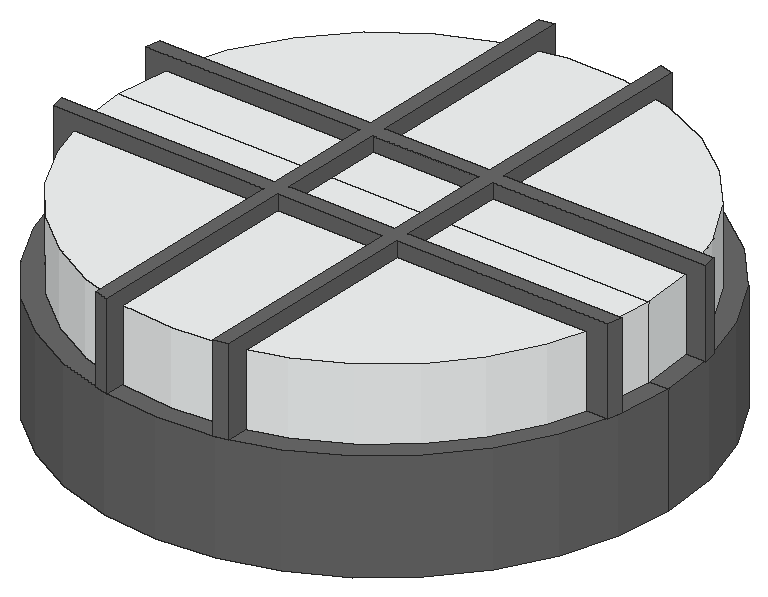
Revit family "33504_HOST_FACE", category Lighting Fixtures, host Face, Revit 2018
Family settings
  Host = Face
  Round Connector Dimension = Use Diameter
  Part Type = Normal
  Cut with Voids When Loaded = Yes
  Light Source = Yes
  Shared = No
  Room Calculation Point = No
Parameters (values of type "Ceiling and Wall Luminaires - Unshielded")
  Wattage = 4.82692 W
  built-in parameter 1150110 = 1 (stored number, unit not read)
  URL = "www.bega-us.com"
  built-in parameter 1114217 = 1 (stored number, unit not read)
  Tilt Angle = 90.00°
  built-in parameter 1150109 = 1 (stored number, unit not read)
  built-in parameter 1150134 = (empty or 0)
  Telephone = "805.684.0533"
  built-in parameter 1150113 = 1 (stored number, unit not read)
  Photometric Web File = "33504.IES"
  Model = "33 504"
  Manufacturer = "BEGA-US"
  built-in parameter 1150105 = 57.057 (stored number, unit not read)
  Lumens = 717 lm
  built-in parameter 1150115 = 1 (stored number, unit not read)
  built-in parameter 1150137 = (empty or 0)
  built-in parameter 1150139 = (empty or 0)
  built-in parameter 1150112 = 1 (stored number, unit not read)
  built-in parameter 1150114 = 1 (stored number, unit not read)
  Lamp = "10.5W LED"
  built-in parameter 1150132 = 2
  built-in parameter 1150102 = (empty or 0)
  built-in parameter 1150107 = 3000 (stored number, unit not read)
  built-in parameter 1150138 = (empty or 0)
  built-in parameter 1150106 = 0.57057 (stored number, unit not read)
  built-in parameter 1150104 = 13.8 (stored number, unit not read)
  Dimming Lamp Color Temperature Shift = <None>
  Description = "LED ceiling and wall luminaires - impact resistant with guard"
  Default Elevation = 0' - 0"
  Color Filter = 16777215
  built-in parameter 1114218 = 1 (stored number, unit not read)
  built-in parameter 1150133 = 10 (stored number, unit not read)
Types (27): name | Wattage | Tilt Angle | built-in parameter 1150134 | Photometric Web File | Model | built-in parameter 1150105 | Lumens | Lamp | built-in parameter 1150107 | built-in parameter 1150106 | Description | Default Elevation
  (no name) | 4.82692 W | 90.00° | (empty or 0) | "33504.IES" | "33 504" | 57.057 (stored number, unit not read) | 717 lm | "10.5W LED" | 3000 (stored number, unit not read) | 0.57057 (stored number, unit not read) | "LED ceiling and wall luminaires - impact resistant with guard" | 0' - 0"
  Wall Luminaires - Directed Light | 18.4392 W | 90.00° | (empty or 0) | "generic" | "2260LED" | 217.96 (stored number, unit not read) | 2739 lm | "44.6W LED" | 3000 (stored number, unit not read) | 2.1796 (stored number, unit not read) | "Surface wall with cutoff optics" | 6' - 0"
  Wall Luminaires - Linear | 9.92985 W | 90.00° | 9 | "generic" | "4425P" | 117.38 (stored number, unit not read) | 1475 lm | "(1) 39W CF twin-4-p" | 3450 (stored number, unit not read) | 1.1738 (stored number, unit not read) | "Suface wall - linear with white acrylic diffuser" | 6' - 0"
  Ceiling and Wall Luminaires - Unshielded | 4.82692 W | 90.00° | (empty or 0) | "33504.IES" | "33 504" | 57.057 (stored number, unit not read) | 717 lm | "10.5W LED" | 3000 (stored number, unit not read) | 0.57057 (stored number, unit not read) | "LED ceiling and wall luminaires - impact resistant with guard" | 0' - 0"
  Recessed Luminaires - Round | 2.66591 W | 0.00° | (empty or 0) | "33508.ies" | "33 508" | 31.513 (stored number, unit not read) | 396 lm | "W LED" | 3000 (stored number, unit not read) | 0.31513 (stored number, unit not read) | "LED ceiling and wall luminaires - impact resistant" | 0' - 0"
  Recessed Luminaires - Square | 0.0067321 W | 0.00° | (empty or 0) | "88754.IES" | 0' - 0" | 0.079577 (stored number, unit not read) | 1 lm | "W LED" | 3000 (stored number, unit not read) | 0.00079577 (stored number, unit not read) | 0' - 0" | 0' - 0"
  Recessed Luminaires - Retangular | 2.66591 W | 0.00° | (empty or 0) | "33508.ies" | "33 508" | 31.513 (stored number, unit not read) | 396 lm | "W LED" | 3000 (stored number, unit not read) | 0.31513 (stored number, unit not read) | "LED ceiling and wall luminaires - impact resistant" | 0' - 0"
  Recessed Luminaires - Elongated | 2.66591 W | 0.00° | (empty or 0) | "33508.ies" | "33 508" | 31.513 (stored number, unit not read) | 396 lm | "W LED" | 3000 (stored number, unit not read) | 0.31513 (stored number, unit not read) | "LED ceiling and wall luminaires - impact resistant" | 0' - 0"
  Recessed Ceiling Luminaires - Downlights | 2.66591 W | 0.00° | (empty or 0) | "33508.ies" | "33 508" | 31.513 (stored number, unit not read) | 396 lm | "W LED" | 3000 (stored number, unit not read) | 0.31513 (stored number, unit not read) | "LED ceiling and wall luminaires - impact resistant" | 0' - 0"
  Recessed Ceiling Luminaires - Asymmetric | 2.66591 W | 0.00° | (empty or 0) | "33508.ies" | "33 508" | 31.513 (stored number, unit not read) | 396 lm | "W LED" | 3000 (stored number, unit not read) | 0.31513 (stored number, unit not read) | "LED ceiling and wall luminaires - impact resistant" | 0' - 0"
  Pendant and Cable Suspended Luminaires - Shielded | 2.66591 W | 0.00° | (empty or 0) | "33508.ies" | "33 508" | 31.513 (stored number, unit not read) | 396 lm | "W LED" | 3000 (stored number, unit not read) | 0.31513 (stored number, unit not read) | "LED ceiling and wall luminaires - impact resistant" | 0' - 0"
  Pendant and Cable Suspended Luminaires - Directed | 2.66591 W | 0.00° | (empty or 0) | "33508.ies" | "33 508" | 31.513 (stored number, unit not read) | 396 lm | "W LED" | 3000 (stored number, unit not read) | 0.31513 (stored number, unit not read) | "LED ceiling and wall luminaires - impact resistant" | 0' - 0"
  Ceiling Luminaires - Downlights | 2.66591 W | 0.00° | (empty or 0) | "33508.ies" | "33 508" | 31.513 (stored number, unit not read) | 396 lm | "W LED" | 3000 (stored number, unit not read) | 0.31513 (stored number, unit not read) | "LED ceiling and wall luminaires - impact resistant" | 0' - 0"
  Ceiling Luminaires - Asymmetric | 2.66591 W | 0.00° | (empty or 0) | "33508.ies" | "33 508" | 31.513 (stored number, unit not read) | 396 lm | "W LED" | 3000 (stored number, unit not read) | 0.31513 (stored number, unit not read) | "LED ceiling and wall luminaires - impact resistant" | 0' - 0"
  Ceiling and Wall Luminaires - Stainless Steel | 2.66591 W | 0.00° | (empty or 0) | "33508.ies" | "33 508" | 31.513 (stored number, unit not read) | 396 lm | "W LED" | 3000 (stored number, unit not read) | 0.31513 (stored number, unit not read) | "LED ceiling and wall luminaires - impact resistant" | 0' - 0"
  Wall Luminaires - Stainless Steel | 2.66591 W | 0.00° | (empty or 0) | "33508.ies" | "33 508" | 31.513 (stored number, unit not read) | 396 lm | "W LED" | 3000 (stored number, unit not read) | 0.31513 (stored number, unit not read) | "LED ceiling and wall luminaires - impact resistant" | 0' - 0"
  Wall Luminaires - Unshielded Light | 2.66591 W | 0.00° | (empty or 0) | "33508.ies" | "33 508" | 31.513 (stored number, unit not read) | 396 lm | "W LED" | 3000 (stored number, unit not read) | 0.31513 (stored number, unit not read) | "LED ceiling and wall luminaires - impact resistant" | 0' - 0"
  Wall Luminaires - Shielded Light | 2.66591 W | 0.00° | (empty or 0) | "33508.ies" | "33 508" | 31.513 (stored number, unit not read) | 396 lm | "W LED" | 3000 (stored number, unit not read) | 0.31513 (stored number, unit not read) | "LED ceiling and wall luminaires - impact resistant" | 0' - 0"
  On-Ground Luminaires | 2.66591 W | 0.00° | (empty or 0) | "33508.ies" | "33 508" | 31.513 (stored number, unit not read) | 396 lm | "W LED" | 3000 (stored number, unit not read) | 0.31513 (stored number, unit not read) | "LED ceiling and wall luminaires - impact resistant" | 0' - 0"
  Light Design Elements | 2.66591 W | 0.00° | (empty or 0) | "33508.ies" | "33 508" | 31.513 (stored number, unit not read) | 396 lm | "W LED" | 3000 (stored number, unit not read) | 0.31513 (stored number, unit not read) | "LED ceiling and wall luminaires - impact resistant" | 0' - 0"
  LED System Bollard | 2.66591 W | 0.00° | (empty or 0) | "33508.ies" | "33 508" | 31.513 (stored number, unit not read) | 396 lm | "W LED" | 3000 (stored number, unit not read) | 0.31513 (stored number, unit not read) | "LED ceiling and wall luminaires - impact resistant" | 0' - 0"
  Bollards | 2.66591 W | 0.00° | (empty or 0) | "33508.ies" | "33 508" | 31.513 (stored number, unit not read) | 396 lm | "W LED" | 3000 (stored number, unit not read) | 0.31513 (stored number, unit not read) | "LED ceiling and wall luminaires - impact resistant" | 0' - 0"
  Bollards - Stainless Steel | 2.66591 W | 0.00° | (empty or 0) | "33508.ies" | "33 508" | 31.513 (stored number, unit not read) | 396 lm | "W LED" | 3000 (stored number, unit not read) | 0.31513 (stored number, unit not read) | "LED ceiling and wall luminaires - impact resistant" | 0' - 0"
  Light Building Elements | 2.66591 W | 0.00° | (empty or 0) | "33508.ies" | "33 508" | 31.513 (stored number, unit not read) | 396 lm | "W LED" | 3000 (stored number, unit not read) | 0.31513 (stored number, unit not read) | "LED ceiling and wall luminaires - impact resistant" | 0' - 0"
  Pole-top Luminaires - with asymmetrical light distribution | 2.66591 W | 0.00° | (empty or 0) | "33508.ies" | "33 508" | 31.513 (stored number, unit not read) | 396 lm | "W LED" | 3000 (stored number, unit not read) | 0.31513 (stored number, unit not read) | "LED ceiling and wall luminaires - impact resistant" | 0' - 0"
  Pole-top Luminaires - with symmetrical light distribution | 2.66591 W | 0.00° | (empty or 0) | "33508.ies" | "33 508" | 31.513 (stored number, unit not read) | 396 lm | "W LED" | 3000 (stored number, unit not read) | 0.31513 (stored number, unit not read) | "LED ceiling and wall luminaires - impact resistant" | 0' - 0"
  Pole-top Luminaires - with indirect light | 2.66591 W | 0.00° | (empty or 0) | "88754.IES" | "33 508" | 31.513 (stored number, unit not read) | 396 lm | "W LED" | 3000 (stored number, unit not read) | 0.31513 (stored number, unit not read) | "LED ceiling and wall luminaires - impact resistant" | 0' - 0"
Reference planes (in)
  plane 1 "Center (Front/Back)": y = 0
  plane 2: z = 0
  plane 3 "Center (Left/Right)": x = 0
Dimensions and locks (in)
  aligned and locked: plane 2 to host face
  aligned and locked: level to host face
Nested families (in)
  nested 1: "33504" at (0, 0, 0), type "33504"
Connectors (in)
  electrical at (0, 0, 0)
    settings: on host face, index 1, voltage 0 V, apparent load 0 VA, apparent load phase1 0 VA, apparent load phase2 0 VA, apparent load phase3 0 VA, power factor 1, load classification "Other", number of poles 1, system type 31, power factor state 1, is connector primary yes, connector utility no, sub classification motor no, connector description ""
Definition of nested family "33504"
  Reference planes (in)
    plane 1 "Center (Front/Back)": y = 0
    plane 2: z = 0
    plane 3 "Center (Left/Right)": x = 0
    plane 4: y = 0
  Forms (in)
    Revolve 1, solid
      sketch origin (0, 0, 0) x (1, 0, 0) y (0, 0, 1)
        loop
          line (-5.125, 0) -> (0, 0) -> (0, 1.769) -> (-4.77344, 1.769) -> (-4.77344, 1.96094) -> (-5.125, 1.96094) -> (-5.125, 0)
        axis (0, 1.96094) -> (0, 0)
      angle from 0 to 360
    Revolve 2, solid
      sketch origin (0, 0, 0) x (1, 0, 0) y (0, 0, 1)
        loop
          line (0, 1.54918) -> (0, 3.2399) -> (-4.77344, 3.2399) -> (-4.77344, 1.54918) -> (0, 1.54918)
        axis (0, 3.2399) -> (0, 1.54918)
      angle from 0 to 360
    Extrusion 3, solid
      sketch origin (0, 0, 0) x (1, 0, 0) y (0, 1, 0)
        loop
          line (-1.19922, 4.98272) -> (-1.19922, 1.19922) -> (-4.98272, 1.19922)
          arc (-4.98272, 1.19922) -> (-5.01108, 1.07455) -> (-5.03633, 0.94922) r 5.125
          line (-5.03633, 0.94922) -> (-1.19922, 0.94922) -> (-1.19922, -0.94922) -> (-5.03633, -0.94922)
          arc (-5.03633, -0.94922) -> (-5.01108, -1.07455) -> (-4.98272, -1.19922) r 5.125
          line (-4.98272, -1.19922) -> (-1.19922, -1.19922) -> (-1.19922, -4.98272)
          arc (-1.19922, -4.98272) -> (-1.07455, -5.01108) -> (-0.94922, -5.03633) r 5.125
          line (-0.94922, -5.03633) -> (-0.94922, -1.19922) -> (0.94922, -1.19922) -> (0.94922, -5.03633)
          arc (0.94922, -5.03633) -> (1.07455, -5.01108) -> (1.19922, -4.98272) r 5.125
          line (1.19922, -4.98272) -> (1.19922, -1.19922) -> (4.98272, -1.19922)
          arc (4.98272, -1.19922) -> (5.01108, -1.07455) -> (5.03633, -0.94922) r 5.125
          line (5.03633, -0.94922) -> (1.19922, -0.94922) -> (1.19922, 0.94922) -> (5.03633, 0.94922)
          arc (5.03633, 0.94922) -> (5.01108, 1.07455) -> (4.98272, 1.19922) r 5.125
          line (4.98272, 1.19922) -> (1.19922, 1.19922) -> (1.19922, 4.98272)
          arc (1.19922, 4.98272) -> (1.07455, 5.01108) -> (0.94922, 5.03633) r 5.125
          line (0.94922, 5.03633) -> (0.94922, 1.19922) -> (-0.94922, 1.19922) -> (-0.94922, 5.03633)
          arc (-0.94922, 5.03633) -> (-1.07455, 5.01108) -> (-1.19922, 4.98272) r 5.125
        loop
          line (0.94922, 0.94922) -> (-0.94922, 0.94922) -> (-0.94922, -0.94922) -> (0.94922, -0.94922) -> (0.94922, 0.94922)
      from 1.96094 to 3.5
  Dimensions and locks (in)
    aligned and locked: plane 2 to level
